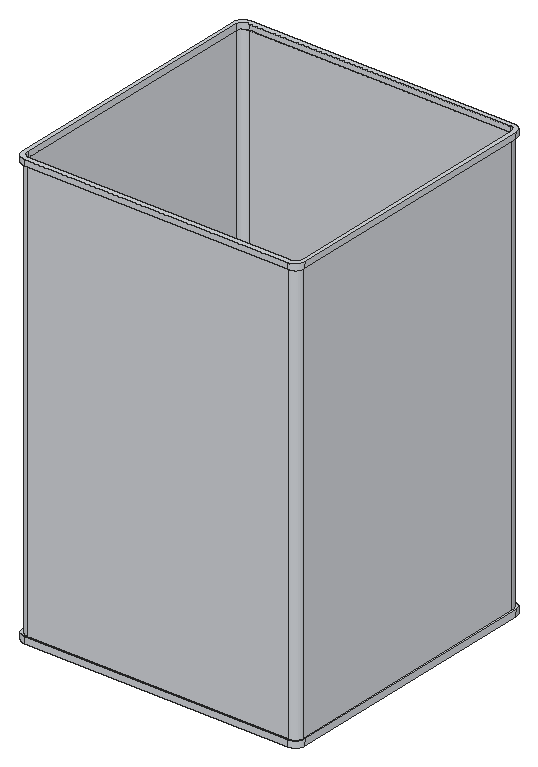
Revit family "AX8930_0007", category Modèles génériques, Revit 2016
Family settings
  Hôte = Sol
  Type d'élément = Normal
  Peut héberger une armature = Non
  Cote de connecteur circulaire = Utiliser le diamètre
  Basée sur le plan de construction = Non
  Toujours verticalement = Oui
  Couper avec des vides une fois chargée = Non
  Partagée = Non
  Point de calcul de pièce = Non
Parameters
  URL = "https://www.axeuro.com/fr/poubelles/25292-poubelle-ax8930.html?search_query=ax8930&results=2"
  Type de produit / Type of product = "Poubelle / Waste receptacle"  # constant formula
  Référence / Reference = "AX8930"  # constant formula
  Model = ""
  Manufacturer = ""
  Entreprise / Company = "Axeuro"  # constant formula
  Description = ""
Reference planes
  plane 1 "Centre (avant/arrière)": y = 0
  plane 2: z = 0
  plane 3 "Centre (gauche/droite)": x = 0
Forms (mm)
  Extrusion 1, solid
    sketch origin (489.422, 120.186, 0) x (1, 0, 0) y (0, 1, 0)
      loop
        line (-328.124, 51.814) -> (-650.72, 51.814)
        arc (-650.72, 51.814) -> (-658.288, 48.68) -> (-661.422, 41.112) r 10.702
        line (-661.422, 41.112) -> (-661.422, -281.483)
        arc (-661.422, -281.483) -> (-658.288, -289.051) -> (-650.72, -292.186) r 10.702
        line (-650.72, -292.186) -> (-328.124, -292.186)
        arc (-328.124, -292.186) -> (-320.557, -289.051) -> (-317.422, -281.483) r 10.702
        line (-317.422, -281.483) -> (-317.422, 41.112)
        arc (-317.422, 41.112) -> (-320.557, 48.68) -> (-328.124, 51.814) r 10.702
      loop
        line (-659.722, 41.112) -> (-659.722, -281.483)
        arc (-659.722, -281.483) -> (-657.086, -287.849) -> (-650.72, -290.486) r 9.002
        line (-650.72, -290.486) -> (-328.124, -290.486)
        arc (-328.124, -290.486) -> (-321.759, -287.849) -> (-319.122, -281.483) r 9.002
        line (-319.122, -281.483) -> (-319.122, 41.112)
        arc (-319.122, 41.112) -> (-321.759, 47.478) -> (-328.124, 50.114) r 9.002
        line (-328.124, 50.114) -> (-650.72, 50.114)
        arc (-650.72, 50.114) -> (-657.086, 47.478) -> (-659.722, 41.112) r 9.002
    from 10 to 533
  Extrusion 2, solid
    sketch origin (0, 0, 3) x (1, 0, 0) y (0, 1, 0)
      loop
        line (-175, 163.013) -> (-175, -163.013)
        arc (-175, -163.013) -> (-171.489, -171.489) -> (-163.013, -175) r 11.987
        line (-163.013, -175) -> (163.013, -175)
        arc (163.013, -175) -> (171.489, -171.489) -> (175, -163.013) r 11.987
        line (175, -163.013) -> (175, 163.013)
        arc (175, 163.013) -> (171.489, 171.489) -> (163.013, 175) r 11.987
        line (163.013, 175) -> (-163.013, 175)
        arc (-163.013, 175) -> (-171.489, 171.489) -> (-175, 163.013) r 11.987
    from 0 to 7
  Extrusion 3, solid
    sketch origin (0, 0, 533) x (1, 0, 0) y (0, 1, 0)
      loop
        line (-175, 163.013) -> (-175, -163.013)
        arc (-175, -163.013) -> (-171.489, -171.489) -> (-163.013, -175) r 11.987
        line (-163.013, -175) -> (163.013, -175)
        arc (163.013, -175) -> (171.489, -171.489) -> (175, -163.013) r 11.987
        line (175, -163.013) -> (175, 163.013)
        arc (175, 163.013) -> (171.489, 171.489) -> (163.013, 175) r 11.987
        line (163.013, 175) -> (-163.013, 175)
        arc (-163.013, 175) -> (-171.489, 171.489) -> (-175, 163.013) r 11.987
      loop
        arc (170.3, 161.298) -> (167.663, 167.663) -> (161.298, 170.3) r 9.002
        line (161.298, 170.3) -> (-161.298, 170.3)
        arc (-161.298, 170.3) -> (-167.663, 167.663) -> (-170.3, 161.298) r 9.002
        line (-170.3, 161.298) -> (-170.3, -161.298)
        arc (-170.3, -161.298) -> (-167.663, -167.663) -> (-161.298, -170.3) r 9.002
        line (-161.298, -170.3) -> (161.298, -170.3)
        arc (161.298, -170.3) -> (167.663, -167.663) -> (170.3, -161.298) r 9.002
        line (170.3, -161.298) -> (170.3, 161.298)
    from 0 to 7
  Blend 4, solid
    base sketch origin (-15.583, 15.759, 0) x (1, 0, 0) y (0, 1, 0)
      loop
        circle (-95.417, 95.241) r 12
    top sketch origin (-15.583, 15.759, 0) x (1, 0, 0) y (0, 1, 0)
      loop
        circle (-95.417, 95.241) r 8
    from 10 to 0
  Blend 5, solid
    base sketch origin (206.417, 15.759, 0) x (1, 0, 0) y (0, 1, 0)
      loop
        circle (-95.417, 95.241) r 12
    top sketch origin (206.417, 15.759, 0) x (1, 0, 0) y (0, 1, 0)
      loop
        circle (-95.417, 95.241) r 8
    from 10 to 0
  Blend 6, solid
    base sketch origin (-15.583, -206.241, 0) x (1, 0, 0) y (0, 1, 0)
      loop
        circle (-95.417, 95.241) r 12
    top sketch origin (-15.583, -206.241, 0) x (1, 0, 0) y (0, 1, 0)
      loop
        circle (-95.417, 95.241) r 8
    from 10 to 0
  Blend 7, solid
    base sketch origin (206.417, -206.241, 0) x (1, 0, 0) y (0, 1, 0)
      loop
        circle (-95.417, 95.241) r 12
    top sketch origin (206.417, -206.241, 0) x (1, 0, 0) y (0, 1, 0)
      loop
        circle (-95.417, 95.241) r 8
    from 10 to 0
Dimensions and locks
  aligned and locked: level to plane 2
